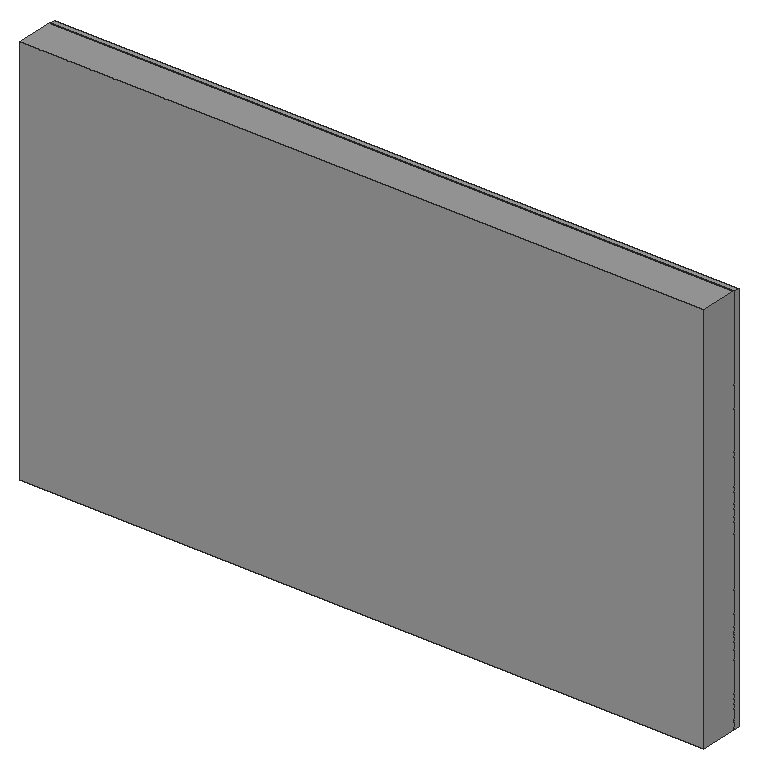
Revit family "Pluraluce M LED 1-s Sentr (opp_veggmontasje)", category Lighting Fixtures, Revit 2013
Parameters (values of type "20m")
  Width = 10 mm
  Wattage Comments = "17 W"
  Wattage = 9.2903 W
  built-in parameter 1150110 = 1 (stored number, unit not read)
  Voltage = 230 V
  URL = ""
  built-in parameter 1114217 = 1 (stored number, unit not read)
  Tilt Angle = 90.00°
  built-in parameter 1150109 = 1 (stored number, unit not read)
  built-in parameter 1150134 = 3
  Symbol Positive Direction [instance] = yes
  Symbol Offset Side [instance] = 0 mm
  Symbol Offset Out [instance] = 0 mm
  built-in parameter 1150113 = 1 (stored number, unit not read)
  Reference Line Out [instance] = 50 mm
  Photometric Web File = "20x42A12.ies"
  Number of Poles = 1
  built-in parameter 1150105 = 109.82 (stored number, unit not read)
  Lumens = 1380 lm
  built-in parameter 1150115 = 1 (stored number, unit not read)
  Load Classification [instance] = Other
  Model = ""
  Manufacturer = ""
  built-in parameter 1150137 = (empty or 0)
  built-in parameter 1150139 = (empty or 0)
  Length 1 = Length - 30 mm  # 205 mm
  Length = 235 mm
  built-in parameter 1150112 = 1 (stored number, unit not read)
  built-in parameter 1150114 = 1 (stored number, unit not read)
  Lamp = "1"
  built-in parameter 1150132 = (empty or 0)
  built-in parameter 1150102 = (empty or 0)
  built-in parameter 1150107 = 3200 (stored number, unit not read)
  built-in parameter 1150138 = (empty or 0)
  built-in parameter 1150106 = 1.0982 (stored number, unit not read)
  Height 1 = Height - 30 mm  # 105 mm
  Height = 135 mm
  Emit from Rectangle Width = Height  # 135 mm
  Emit from Rectangle Length = Length  # 235 mm
  Emit Shape Visible in Rendering = no
  built-in parameter 1150104 = 13.8 (stored number, unit not read)
  Dimming Lamp Color Temperature Shift = <None>
  Description = ""
  Color Filter = 16777215
  Body Material and Colour = Default
  built-in parameter 1114218 = 1 (stored number, unit not read)
  built-in parameter 1150133 = 10 (stored number, unit not read)
  Assembly Code = ""
  Apparent Load = 17 VA
  30m = no
  20m = yes
Types (2, lengths in mm): name | Reference Line Out | Length 1 | Length | Height 1 | Height | Emit from Rectangle Width | Emit from Rectangle Length | 30m | 20m
  20m | 50 | 205 | 235 | 105 | 135 | 135 | 235 | no | yes
  30m | 139.852 | 305 | 335 | 155 | 185 | 185 | 335 | yes | no
Reference planes
  plane 1 "Light Source Axis (F/B)": y = 119.961
  plane 2 "Top": z = 83
  plane 3 "Light Source Axis (L/R)": x = 0
  plane 4 "Level": z = 0
  plane 5 "Bottom": z = -135
  plane 6: x = -117.5
  plane 7: x = 117.5
  plane 8: y = 132.961
  plane 9: y = 134.961
  plane 10: z = -15
  plane 11: x = -102.5
  plane 12: x = 102.5
  plane 13: z = -67.5
  plane 14: z = -120
Forms (mm)
  Extrusion 1, solid, material "Default" <- "Body Material and Colour"
    sketch origin (0, 119.961, 0) x (1, 0, 0) y (0, 0, 1)
      loop
        line (-117.5, 0) -> (-117.5, -135) -> (117.5, -135) -> (117.5, 0) -> (-117.5, 0)
    from 0 to -13
  Extrusion 2, solid, material "Default" <- "Body Material and Colour"
    sketch origin (0, 119.961, 0) x (1, 0, 0) y (0, 0, 1)
      loop
        line (-117.5, 0) -> (-117.5, -135) -> (117.5, -135) -> (117.5, 0) -> (-117.5, 0)
      loop
        line (-102.5, -15) -> (-102.5, -120) -> (102.5, -120) -> (102.5, -15) -> (-102.5, -15)
    from -15 to -13
Lines and regions (mm)
  model lines, style "InvisibleLines"
    curve 1: line (0, 119.961, 0) -> (0, 169.961, 0)
Dimensions and locks
  equal spacing: plane 6, plane 3 "Light Source Axis (L/R)", plane 7
  "Length": plane 6 to plane 7
  plane 8 to plane 1 "Light Source Axis (F/B)" = 13 mm
  locked: plane 9 to plane 8 at 2
  equal spacing: plane 4 "Level", plane 13, plane 5 "Bottom"
  "Height": plane 4 "Level" to plane 5 "Bottom"
  equal spacing: plane 11, plane 3 "Light Source Axis (L/R)", plane 12
  "Length 1": plane 11 to plane 12
  equal spacing: plane 10, plane 13, plane 14
  "Height 1": plane 10 to plane 14
  locked: plane 1 "Light Source Axis (F/B)" to plane 9 at 15
  "Reference Line Out": plane 1 "Light Source Axis (F/B)" to curve 1
  aligned and locked: plane 4 "Level" to level
  aligned and locked: plane 8 to nested 2
  aligned and locked: nested 2 to plane 13
  aligned and locked: plane 3 "Light Source Axis (L/R)" to nested 3
  aligned and locked: plane 1 "Light Source Axis (F/B)" to nested 3
  aligned and locked: plane 8 to nested 1
  aligned and locked: plane 4 "Level" to Extrusion 1 sketch curve
  aligned and locked: plane 6 to Extrusion 1 sketch curve
  aligned and locked: plane 5 "Bottom" to Extrusion 1 sketch curve
  aligned and locked: Extrusion 1 sketch curve to plane 7
  aligned and locked: Extrusion 1 to plane 8
  aligned and locked: plane 1 "Light Source Axis (F/B)" to Extrusion 1
  aligned and locked: plane 4 "Level" to Extrusion 2 sketch curve
  aligned and locked: Extrusion 2 sketch curve to plane 7
  aligned and locked: plane 5 "Bottom" to Extrusion 2 sketch curve
  aligned and locked: plane 6 to Extrusion 2 sketch curve
  aligned and locked: Extrusion 2 sketch curve to plane 10
  aligned and locked: plane 11 to Extrusion 2 sketch curve
  aligned and locked: plane 14 to Extrusion 2 sketch curve
  aligned and locked: Extrusion 2 sketch curve to plane 12
  aligned and locked: plane 8 to Extrusion 2
  aligned and locked: Extrusion 2 to plane 9
  aligned and locked: nested 1 to plane 13
  aligned and locked: plane 13 to imposter light
  aligned and locked: imposter light to plane 9
  aligned and locked: plane 1 "Light Source Axis (F/B)" to curve 1
  aligned and locked: plane 3 "Light Source Axis (L/R)" to curve 1
Nested families
  nested 1: "20m" at (0, 132.961, -67.5), visible <- "20m", type "20m"
  nested 2: "30m" at (0, 132.961, -67.5), visible <- "30m", type "30m"
  nested 3: "MarkeringslysS" at (0, 119.961, 0), type "Type 1"
Connectors
  electrical at (0, 119.961, 0), driven by "Number of Poles", driven by "Voltage", driven by "Apparent Load", driven by "Load Classification"
    settings: index 1, voltage 230 V, apparent load 0 VA, apparent load phase1 17 VA, apparent load phase2 0 VA, apparent load phase3 0 VA, power factor 1, load classification "Other", number of poles 1, system type 31, power factor state 1, is connector primary yes, connector utility no, sub classification motor no, connector description ""
Definition of nested family "20m"
  Parameters (values of type "20m")
    Material = yes
    L = 205 mm
    H = 135 mm
  Reference planes
    plane 1 "Center (Front/Back)": y = 0
    plane 2: z = 0
    plane 3 "Center (Left/Right)": x = 0
    plane 4: y = -2
  Forms (mm)
    Extrusion 1, solid, material "Green", visible <- "Material"
      sketch origin (453.48, 0, -265.275) x (1, 0, 0) y (0, 0, 1)
        loop
          line (-555.98, 317.775) -> (-555.98, 212.775) -> (-350.98, 212.775) -> (-350.98, 317.775) -> (-555.98, 317.775)
        loop
          line (-384.418, 278.657) -> (-403.535, 297.775) -> (-422.653, 278.657) -> (-422.653, 267.187) -> (-409.271, 280.569) -> (-409.271, 232.775) -> (-397.8, 232.775) -> (-397.8, 280.569) -> (-384.418, 267.187) -> (-384.418, 278.657)
        loop
          circle (-469.766, 303.483) r 7
        loop
          line (-475.5, 291.17) -> (-481.111, 295.878) -> (-514.738, 289.33) -> (-523.167, 276.351)
          arc (-523.167, 276.351) -> (-523.437, 274.892) -> (-522.597, 273.669) r 1.939
          line (-522.597, 273.669) -> (-520.357, 272.215)
          arc (-520.357, 272.215) -> (-518.849, 271.956) -> (-517.622, 272.872) r 1.939
          line (-517.622, 272.872) -> (-511.565, 283.363) -> (-494.748, 286.638) -> (-511.024, 258.447) -> (-527.794, 258.447)
          arc (-527.794, 258.447) -> (-530.079, 257.5) -> (-531.025, 255.215) r 3.232
          line (-531.025, 255.215) -> (-531.025, 251.984)
          arc (-531.025, 251.984) -> (-530.079, 249.699) -> (-527.794, 248.752) r 3.232
          line (-527.794, 248.752) -> (-494.232, 248.752) -> (-489.068, 257.695) -> (-482.551, 252.226) -> (-482.551, 225.892)
          arc (-482.551, 225.892) -> (-481.604, 223.607) -> (-479.319, 222.661) r 3.232
          line (-479.319, 222.661) -> (-476.087, 222.661)
          arc (-476.087, 222.661) -> (-473.802, 223.607) -> (-472.856, 225.892) r 3.232
          line (-472.856, 225.892) -> (-472.856, 256.746) -> (-484.146, 266.22) -> (-479.224, 274.746) -> (-468.474, 265.726)
          arc (-468.474, 265.726) -> (-467.059, 265.28) -> (-465.743, 265.965) r 1.939
          line (-465.743, 265.965) -> (-464.081, 267.946)
          arc (-464.081, 267.946) -> (-463.635, 269.361) -> (-464.32, 270.677) r 1.939
          line (-464.32, 270.677) -> (-475.942, 280.43) -> (-471.849, 287.519) -> (-475.5, 291.17)
      from 0 to 2
  Dimensions and locks
    aligned and locked: level to plane 2
Definition of nested family "30m"
  Parameters (values of type "30m")
    Material = yes
    L = 425.577 mm
    H = 260 mm
  Reference planes
    plane 1 "Center (Front/Back)": y = 0
    plane 2: z = 0
    plane 3 "Center (Left/Right)": x = 0
    plane 4: y = -2
  Forms (mm)
    Extrusion 1, solid, material "Green", visible <- "Material"
      sketch origin (0, 0, 0) x (1, 0, 0) y (0, 0, 1)
        loop
          line (-152.5, 77.5) -> (-152.5, -77.5) -> (152.5, -77.5) -> (152.5, 77.5) -> (-152.5, 77.5)
        loop
          line (110.116, 23.333) -> (76.783, 56.667) -> (43.449, 23.333) -> (43.449, 3.333) -> (66.783, 26.667) -> (66.783, -56.667) -> (86.783, -56.667) -> (86.783, 26.667) -> (110.116, 3.333) -> (110.116, 23.333)
        loop
          circle (-34.197, 48.678) r 8.988
        loop
          line (-41.559, 32.868) -> (-48.764, 38.913) -> (-91.942, 30.506) -> (-102.764, 13.841)
          arc (-102.764, 13.841) -> (-103.111, 11.967) -> (-102.032, 10.397) r 2.49
          line (-102.032, 10.397) -> (-99.157, 8.53)
          arc (-99.157, 8.53) -> (-97.22, 8.197) -> (-95.645, 9.373) r 2.49
          line (-95.645, 9.373) -> (-87.867, 22.844) -> (-66.274, 27.049) -> (-87.172, -9.148) -> (-108.705, -9.148)
          arc (-108.705, -9.148) -> (-111.639, -10.364) -> (-112.855, -13.298) r 4.149
          line (-112.855, -13.298) -> (-112.855, -17.447)
          arc (-112.855, -17.447) -> (-111.639, -20.381) -> (-108.705, -21.597) r 4.149
          line (-108.705, -21.597) -> (-65.611, -21.597) -> (-58.981, -10.114) -> (-50.612, -17.137) -> (-50.612, -50.949)
          arc (-50.612, -50.949) -> (-49.397, -53.883) -> (-46.463, -55.098) r 4.149
          line (-46.463, -55.098) -> (-42.313, -55.098)
          arc (-42.313, -55.098) -> (-39.379, -53.883) -> (-38.164, -50.949) r 4.149
          line (-38.164, -50.949) -> (-38.164, -11.332) -> (-52.661, 0.833) -> (-46.341, 11.78) -> (-32.538, 0.198)
          arc (-32.538, 0.198) -> (-30.721, -0.375) -> (-29.031, 0.505) r 2.49
          line (-29.031, 0.505) -> (-26.897, 3.048)
          arc (-26.897, 3.048) -> (-26.324, 4.865) -> (-27.204, 6.556) r 2.49
          line (-27.204, 6.556) -> (-42.127, 19.078) -> (-36.872, 28.181) -> (-41.559, 32.868)
      from 0 to 2
  Dimensions and locks
    aligned and locked: level to plane 2
    aligned and locked: plane 4 to Extrusion 1
    aligned and locked: Extrusion 1 to plane 1 "Center (Front/Back)"
    aligned and locked: Extrusion 1 to plane 4
Definition of nested family "MarkeringslysS"
  Parameters (values of type "Type 1")
    CQ Symbol Positive Direction = yes
    CQ Symbol Negative Direction = not(CQ Symbol Positive Direction)  # no
    CQ Symbol Offset Side = 0 mm
    CQ Symbol Offset Out = 0 mm
  Reference planes
    plane 1: y = 0
    plane 2: x = 0
  Dimensions and locks
    "CQ Symbol Offset Out": plane 1 to nested 1
    "CQ Symbol Offset Out": plane 1 to nested 2
    "CQ Symbol Offset Side": plane 2 to nested 2
    "CQ Symbol Offset Side": nested 1 to plane 2
  Nested families
    nested 1: "LedelysSub" at (0, 0, 0), visible <- "CQ Symbol Negative Direction", type "Type 1"
    nested 2: "LedelysSub" at (0, 0, 0), visible <- "CQ Symbol Positive Direction", type "Type 1"
  Definition of nested family "LedelysSub"
    Reference planes
      plane 1: y = 0
      plane 2: x = 0
    Lines and regions (mm)
      Filled region 1, type "Filled region 1"
        outline origin (64.576, 53.459, 0) x (1, 0, 0) y (0, 1, 0)
          loop
            arc (-65.575, -52.307) -> (-65.224, -51.459) -> (-65.575, -50.61) r 1.2
            line (-65.575, -50.61) -> (-66.424, -51.459) -> (-65.575, -52.307)
      Filled region 2, type "Filled region 1"
        outline origin (-68.271, 53.459, 0) x (0, 1, 0) y (-1, 0, 0)
          loop
            line (-52.307, -65.575) -> (-51.459, -66.424) -> (-50.61, -65.575)
            arc (-50.61, -65.575) -> (-51.459, -65.224) -> (-52.307, -65.575) r 1.2
      detail lines
        curve 1: line (-4, 0, 0) -> (4, 0, 0)
        curve 2: line (4, 0, 0) -> (4, 4, 0)
        curve 3: line (4, 4, 0) -> (-4, 4, 0)
        curve 4: line (-4, 4, 0) -> (-4, 0, 0)
        curve 5: line (-3.097, 0.75, 0) -> (-0.597, 3.25, 0)
        curve 6: line (-3.097, 3.25, 0) -> (-0.597, 0.75, 0)
        curve 7: circle (-1.847, 2, 0) r 1.2 normal (0, 0, 1)
    Text (mm)
      text "ML" at (2.179, 3.025, 0)
    Dimensions and locks
      aligned and locked: Filled region 1 sketch curve to curve 7
